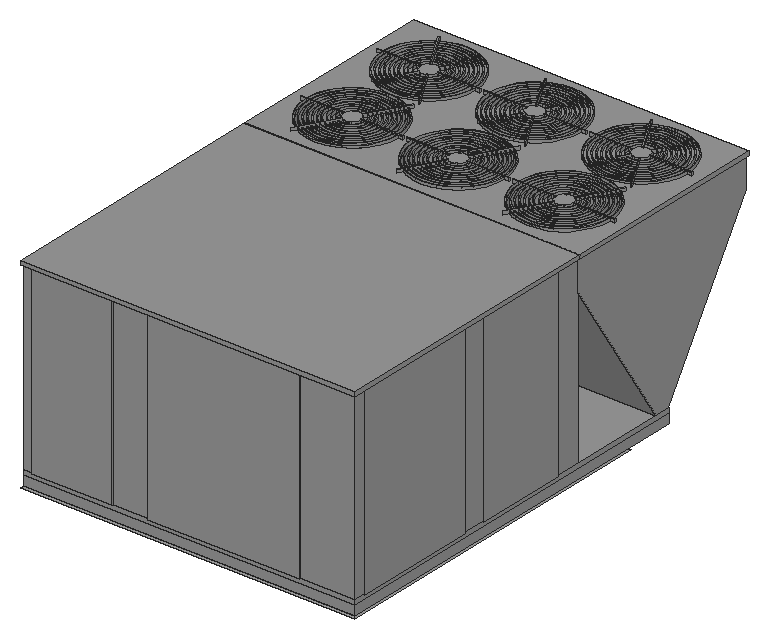
Revit family "RTU-1", category Mechanical Equipment, host Face, Revit 2025 (continued)
Automatic sketch dimensions
  Extrusion 56 sketch curve to Extrusion 56 sketch curve = 0.21651"
  Extrusion 56 sketch curve to Extrusion 56 sketch curve = 0.06535"
  Extrusion 57 sketch curve to Extrusion 57 sketch curve = 0"  (x4)
  Extrusion 57 sketch curve to Extrusion 57 sketch curve = 1.0776"
  Extrusion 57 sketch curve to Extrusion 57 sketch curve = 0.21651"
  Extrusion 57 sketch curve to Extrusion 57 sketch curve = 0.06535"
  Extrusion 58 sketch curve to Extrusion 58 sketch curve = 0"  (x4)
  Extrusion 58 sketch curve to Extrusion 58 sketch curve = 1.0776"
  Extrusion 58 sketch curve to Extrusion 58 sketch curve = 0.21651"
  Extrusion 58 sketch curve to Extrusion 58 sketch curve = 9.96767"
  Extrusion 38 sketch curve to plane 107 = 2 3/8"
  Extrusion 39 sketch curve to Extrusion 39 sketch curve = 0"  (x4)
  Extrusion 39 sketch curve to plane 119 = 10.12829"
  Extrusion 39 sketch curve to Extrusion 39 sketch curve = 2.37171"
  Extrusion 40 sketch curve to Extrusion 40 sketch curve = 0"  (x4)
  Extrusion 40 sketch curve to plane 121 = 10.12829"
  Extrusion 40 sketch curve to Extrusion 40 sketch curve = 2.37171"
  Extrusion 47 sketch curve to Extrusion 47 sketch curve = 0"  (x4)
  Extrusion 47 sketch curve to plane 153 = 10.12829"
  Extrusion 48 sketch curve to Extrusion 48 sketch curve = 0"  (x4)
  Extrusion 48 sketch curve to plane 155 = 10.12829"
  Extrusion 49 sketch curve to Extrusion 49 sketch curve = 0"  (x4)
  Extrusion 49 sketch curve to plane 157 = 10.12829"
  Extrusion 50 sketch curve to Extrusion 50 sketch curve = 0"  (x4)
  Extrusion 50 sketch curve to plane 159 = 10.12829"
  Extrusion 39 sketch curve to Extrusion 39 sketch curve = 1/8"
  Extrusion 40 sketch curve to Extrusion 40 sketch curve = 1/8"
  Extrusion 41 sketch curve to plane 122 = 2 3/8"
  Extrusion 42 sketch curve to Extrusion 42 sketch curve = 0"  (x4)
  Extrusion 42 sketch curve to plane 134 = 10.12829"
  Extrusion 42 sketch curve to Extrusion 42 sketch curve = 2.37171"
  Extrusion 43 sketch curve to Extrusion 43 sketch curve = 0"  (x4)
  Extrusion 43 sketch curve to plane 136 = 10.12829"
  Extrusion 43 sketch curve to Extrusion 43 sketch curve = 2.37171"
  Extrusion 51 sketch curve to Extrusion 51 sketch curve = 0"  (x4)
  Extrusion 51 sketch curve to plane 161 = 10.12829"
  Extrusion 52 sketch curve to Extrusion 52 sketch curve = 0"  (x4)
  Extrusion 52 sketch curve to plane 163 = 10.12829"
  Extrusion 53 sketch curve to Extrusion 53 sketch curve = 0"  (x4)
  Extrusion 53 sketch curve to plane 165 = 10.12829"
  Extrusion 54 sketch curve to Extrusion 54 sketch curve = 0"  (x4)
  Extrusion 54 sketch curve to plane 167 = 10.12829"
  Extrusion 42 sketch curve to Extrusion 42 sketch curve = 1/8"
  Extrusion 43 sketch curve to Extrusion 43 sketch curve = 1/8"
  Extrusion 44 sketch curve to plane 137 = 2 3/8"
  Extrusion 45 sketch curve to Extrusion 45 sketch curve = 0"  (x4)
  Extrusion 45 sketch curve to plane 149 = 10.12829"
  Extrusion 45 sketch curve to Extrusion 45 sketch curve = 2.37171"
  Extrusion 46 sketch curve to Extrusion 46 sketch curve = 0"  (x4)
  Extrusion 46 sketch curve to plane 151 = 10.12829"
  Extrusion 46 sketch curve to Extrusion 46 sketch curve = 2.37171"
  Extrusion 55 sketch curve to plane 169 = 10.12829"
  Extrusion 56 sketch curve to plane 171 = 10.12829"
  Extrusion 57 sketch curve to plane 173 = 10.12829"
  Extrusion 58 sketch curve to plane 175 = 10.12829"
  Extrusion 45 sketch curve to Extrusion 45 sketch curve = 1/8"
  Extrusion 46 sketch curve to Extrusion 46 sketch curve = 1/8"
  Extrusion 51 sketch curve to Extrusion 51 sketch curve = 1.0776"
  Extrusion 51 sketch curve to Extrusion 51 sketch curve = 0.21651"
  Extrusion 51 sketch curve to Extrusion 51 sketch curve = 9.96767"
  Extrusion 52 sketch curve to Extrusion 52 sketch curve = 1.0776"
  Extrusion 52 sketch curve to Extrusion 52 sketch curve = 0.21651"
  Extrusion 52 sketch curve to Extrusion 52 sketch curve = 0.06535"
  Extrusion 53 sketch curve to Extrusion 53 sketch curve = 1.0776"
  Extrusion 53 sketch curve to Extrusion 53 sketch curve = 0.21651"
  Extrusion 53 sketch curve to Extrusion 53 sketch curve = 0.06535"
  Extrusion 54 sketch curve to Extrusion 54 sketch curve = 1.0776"
  Extrusion 54 sketch curve to Extrusion 54 sketch curve = 0.21651"
  Extrusion 54 sketch curve to Extrusion 54 sketch curve = 9.96767"
  Extrusion 12 sketch curve to Extrusion 12 sketch curve = 15"
  plane 3 "Center (Left/Right)" to Extrusion 12 sketch curve = 12 3/16"
  Extrusion 12 sketch curve to plane 3 "Center (Left/Right)" = 7 13/16"
  Extrusion 12 sketch curve to Extrusion 12 sketch curve = 0"
  radius of Extrusion 8 sketch curve = 12 1/2"  (x3)
  radius of Extrusion 13 sketch curve = 2 3/8"
  radius of Extrusion 13 sketch curve = 3 3/8"
  radius of Extrusion 13 sketch curve = 3 1/2"
  radius of Extrusion 13 sketch curve = 4 3/8"
  radius of Extrusion 13 sketch curve = 5 1/4"
  radius of Extrusion 13 sketch curve = 4 1/2"
  radius of Extrusion 13 sketch curve = 5 3/8"
  radius of Extrusion 13 sketch curve = 6 3/8"
  radius of Extrusion 13 sketch curve = 7 3/8"
  radius of Extrusion 13 sketch curve = 9 3/8"
  radius of Extrusion 13 sketch curve = 10 3/8"
  radius of Extrusion 13 sketch curve = 11 3/8"
  radius of Extrusion 13 sketch curve = 12 3/8"
  radius of Extrusion 13 sketch curve = 12 1/2"
  radius of Extrusion 13 sketch curve = 7 1/2"
  radius of Extrusion 13 sketch curve = 9 1/2"
  radius of Extrusion 13 sketch curve = 10 1/2"
  radius of Extrusion 13 sketch curve = 11 1/2"
  radius of Extrusion 13 sketch curve = 8 3/8"
  radius of Extrusion 13 sketch curve = 8 1/2"
  radius of Extrusion 13 sketch curve = 6 1/2"
  radius of Extrusion 9 sketch curve = 2 3/8"
  radius of Extrusion 9 sketch curve = 3 3/8"
  radius of Extrusion 9 sketch curve = 3 1/2"
  radius of Extrusion 9 sketch curve = 4 3/8"
  radius of Extrusion 9 sketch curve = 5 1/4"
  radius of Extrusion 9 sketch curve = 4 1/2"
  radius of Extrusion 9 sketch curve = 5 3/8"
  radius of Extrusion 9 sketch curve = 6 3/8"
  radius of Extrusion 9 sketch curve = 7 3/8"
  radius of Extrusion 9 sketch curve = 9 3/8"
  radius of Extrusion 9 sketch curve = 10 3/8"
  radius of Extrusion 9 sketch curve = 11 3/8"
  radius of Extrusion 9 sketch curve = 12 3/8"
  radius of Extrusion 9 sketch curve = 12 1/2"
  radius of Extrusion 9 sketch curve = 7 1/2"
  radius of Extrusion 9 sketch curve = 9 1/2"
  radius of Extrusion 9 sketch curve = 10 1/2"
  radius of Extrusion 9 sketch curve = 11 1/2"
  radius of Extrusion 9 sketch curve = 8 3/8"
  radius of Extrusion 9 sketch curve = 8 1/2"
  radius of Extrusion 9 sketch curve = 6 1/2"
  radius of Extrusion 16 sketch curve = 2 3/8"
  radius of Extrusion 16 sketch curve = 3 3/8"
  radius of Extrusion 16 sketch curve = 3 1/2"
  radius of Extrusion 16 sketch curve = 4 3/8"
  radius of Extrusion 16 sketch curve = 5 1/4"
  radius of Extrusion 16 sketch curve = 4 1/2"
  radius of Extrusion 16 sketch curve = 5 3/8"
  radius of Extrusion 16 sketch curve = 6 3/8"
  radius of Extrusion 16 sketch curve = 7 3/8"
  radius of Extrusion 16 sketch curve = 9 3/8"
  radius of Extrusion 16 sketch curve = 10 3/8"
  radius of Extrusion 16 sketch curve = 11 3/8"
  radius of Extrusion 16 sketch curve = 12 3/8"
  radius of Extrusion 16 sketch curve = 12 1/2"
  radius of Extrusion 16 sketch curve = 7 1/2"
  radius of Extrusion 16 sketch curve = 9 1/2"
  radius of Extrusion 16 sketch curve = 10 1/2"
  radius of Extrusion 16 sketch curve = 11 1/2"
  radius of Extrusion 16 sketch curve = 8 3/8"
  radius of Extrusion 16 sketch curve = 8 1/2"
  radius of Extrusion 16 sketch curve = 6 1/2"
  radius of Extrusion 19 sketch curve = 2 3/8"
  radius of Extrusion 19 sketch curve = 3 3/8"
  radius of Extrusion 19 sketch curve = 3 1/2"
  radius of Extrusion 19 sketch curve = 4 3/8"
  radius of Extrusion 19 sketch curve = 5 1/4"
  radius of Extrusion 19 sketch curve = 4 1/2"
  radius of Extrusion 19 sketch curve = 5 3/8"
  radius of Extrusion 19 sketch curve = 6 3/8"
  radius of Extrusion 19 sketch curve = 7 3/8"
  radius of Extrusion 19 sketch curve = 9 3/8"
  radius of Extrusion 19 sketch curve = 10 3/8"
  radius of Extrusion 19 sketch curve = 11 3/8"
  radius of Extrusion 19 sketch curve = 12 3/8"
  radius of Extrusion 19 sketch curve = 12 1/2"
  radius of Extrusion 19 sketch curve = 7 1/2"
  radius of Extrusion 19 sketch curve = 9 1/2"
  radius of Extrusion 19 sketch curve = 10 1/2"
  radius of Extrusion 19 sketch curve = 11 1/2"
  radius of Extrusion 19 sketch curve = 8 3/8"
  radius of Extrusion 19 sketch curve = 8 1/2"
  radius of Extrusion 19 sketch curve = 6 1/2"
  radius of Extrusion 38 sketch curve = 2 3/8"
  radius of Extrusion 38 sketch curve = 3 3/8"
  radius of Extrusion 38 sketch curve = 3 1/2"
  radius of Extrusion 38 sketch curve = 4 3/8"
  radius of Extrusion 38 sketch curve = 5 1/4"
  radius of Extrusion 38 sketch curve = 4 1/2"
  radius of Extrusion 38 sketch curve = 5 3/8"
  radius of Extrusion 38 sketch curve = 6 3/8"
  radius of Extrusion 38 sketch curve = 7 3/8"
  radius of Extrusion 38 sketch curve = 9 3/8"
  radius of Extrusion 38 sketch curve = 10 3/8"
  radius of Extrusion 38 sketch curve = 11 3/8"
  radius of Extrusion 38 sketch curve = 12 3/8"
  radius of Extrusion 38 sketch curve = 12 1/2"
  radius of Extrusion 38 sketch curve = 7 1/2"
  radius of Extrusion 38 sketch curve = 9 1/2"
  radius of Extrusion 38 sketch curve = 10 1/2"
  radius of Extrusion 38 sketch curve = 11 1/2"
  radius of Extrusion 38 sketch curve = 8 3/8"
  radius of Extrusion 38 sketch curve = 8 1/2"
  radius of Extrusion 38 sketch curve = 6 1/2"
  radius of Extrusion 41 sketch curve = 2 3/8"
  radius of Extrusion 41 sketch curve = 3 3/8"
  radius of Extrusion 41 sketch curve = 3 1/2"
  radius of Extrusion 41 sketch curve = 4 3/8"
  radius of Extrusion 41 sketch curve = 5 1/4"
  radius of Extrusion 41 sketch curve = 4 1/2"
  radius of Extrusion 41 sketch curve = 5 3/8"
  radius of Extrusion 41 sketch curve = 6 3/8"
  radius of Extrusion 41 sketch curve = 7 3/8"
  radius of Extrusion 41 sketch curve = 9 3/8"
  radius of Extrusion 41 sketch curve = 10 3/8"
  radius of Extrusion 41 sketch curve = 11 3/8"
  radius of Extrusion 41 sketch curve = 12 3/8"
  radius of Extrusion 41 sketch curve = 12 1/2"
  radius of Extrusion 41 sketch curve = 7 1/2"
  radius of Extrusion 41 sketch curve = 9 1/2"
  radius of Extrusion 41 sketch curve = 10 1/2"
  radius of Extrusion 41 sketch curve = 11 1/2"
  radius of Extrusion 41 sketch curve = 8 3/8"
  radius of Extrusion 41 sketch curve = 8 1/2"
  radius of Extrusion 41 sketch curve = 6 1/2"
  radius of Extrusion 44 sketch curve = 2 3/8"
  radius of Extrusion 44 sketch curve = 3 3/8"
  radius of Extrusion 44 sketch curve = 3 1/2"
  radius of Extrusion 44 sketch curve = 4 3/8"
  radius of Extrusion 44 sketch curve = 5 1/4"
  radius of Extrusion 44 sketch curve = 4 1/2"
  radius of Extrusion 44 sketch curve = 5 3/8"
  radius of Extrusion 44 sketch curve = 6 3/8"
  radius of Extrusion 44 sketch curve = 7 3/8"
  radius of Extrusion 44 sketch curve = 9 3/8"
  radius of Extrusion 44 sketch curve = 10 3/8"
  radius of Extrusion 44 sketch curve = 11 3/8"
  radius of Extrusion 44 sketch curve = 12 3/8"
  radius of Extrusion 44 sketch curve = 12 1/2"
  radius of Extrusion 44 sketch curve = 7 1/2"
  radius of Extrusion 44 sketch curve = 9 1/2"
  radius of Extrusion 44 sketch curve = 10 1/2"
  radius of Extrusion 44 sketch curve = 11 1/2"
  radius of Extrusion 44 sketch curve = 8 3/8"
  radius of Extrusion 44 sketch curve = 8 1/2"
  radius of Extrusion 44 sketch curve = 6 1/2"
Nested families (in)
  nested 1: "Panel" at (44.5625, -32.875, 28.84375) x (0, 1, 0) z (1, 0, 0), type "Panel"
    with Width 33 1/2", Length 49 7/16"
  nested 2: "Panel" at (44.5625, 2.6875, 28.84375) x (0, 1, 0) z (1, 0, 0), type "Panel"
    with Width 24 7/8", Length 49 7/16"
  nested 3: "Panel" at (-44.5625, -32.875, 28.84375) x (0, 1, 0) z (-1, 0, 0), type "Panel"
    with Width 33 1/2", Length 49 7/16"
  nested 4: "Panel" at (-44.5625, 2.6875, 28.84375) x (0, 1, 0) z (-1, 0, 0), type "Panel"
    with Width 24 7/8", Length 49 7/16"
  nested 5: "Panel" at (-31.46875, -52.75, 28.84375) x (1, 0, 0) z (0, -1, 0), type "Panel"
    with Width 21 9/16", Length 49 7/16"
  nested 6: "Panel" at (9.46875, -52.75, 28.84375) x (1, 0, 0) z (0, -1, 0), type "Panel"
    with Width 40 11/16", Length 49 7/16"
Definition of nested family "Panel"
  Parameters (values of type "Panel")
    Width [instance] = 21 9/16"
    Material = none
    Length [instance] = 49 7/16"
    Default Elevation = 48"
  Reference planes (in)
    plane 1 "Center (Front/Back)": y = 0
    plane 2: z = 0
    plane 3 "Center (Left/Right)": x = 0
    plane 4: z = 0.25
    plane 5: x = -10.78125
    plane 6: x = 10.78125
    plane 7: y = 24.71875
    plane 8: y = -24.71875
  Forms (in)
    Extrusion 1, solid
      sketch origin (0, 0, 0) x (1, 0, 0) y (0, 1, 0)
        loop
          line (-48, 48) -> (-48, -48) -> (48, -48) -> (48, 48) -> (-48, 48)
      from 0 to -12
    Extrusion 2, solid, material <- "Material"
      sketch origin (0, 0, 0) x (1, 0, 0) y (0, 1, 0)
        loop
          line (-10.78125, 24.71875) -> (-10.78125, -24.71875) -> (10.78125, -24.71875) -> (10.78125, 24.71875) -> (-10.78125, 24.71875)
      from 0 to 0.25
  Dimensions and locks (in)
    plane 4 to plane 2 = 1/4"
    equal spacing: plane 5, plane 3 "Center (Left/Right)", plane 6
    equal spacing: plane 7, plane 1 "Center (Front/Back)", plane 8
    "Length": plane 7 to plane 8
    "Width": plane 5 to plane 6
    aligned and locked: plane 2 to Extrusion 1
    aligned and locked: level to Extrusion 1
    aligned and locked: plane 4 to Extrusion 2
    aligned and locked: Extrusion 2 to plane 6
    aligned and locked: Extrusion 2 to plane 5
    aligned and locked: plane 8 to Extrusion 2
    aligned and locked: plane 7 to Extrusion 2
  Automatic sketch dimensions
    Extrusion 1 sketch curve to Extrusion 1 sketch curve = 96"  (x2)
    plane 5 to Extrusion 2 sketch curve = 0"
    Extrusion 2 sketch curve to plane 6 = 0"
    plane 1 "Center (Front/Back)" to Extrusion 2 sketch curve = 24 23/32"
    Extrusion 2 sketch curve to plane 1 "Center (Front/Back)" = 24 23/32"
